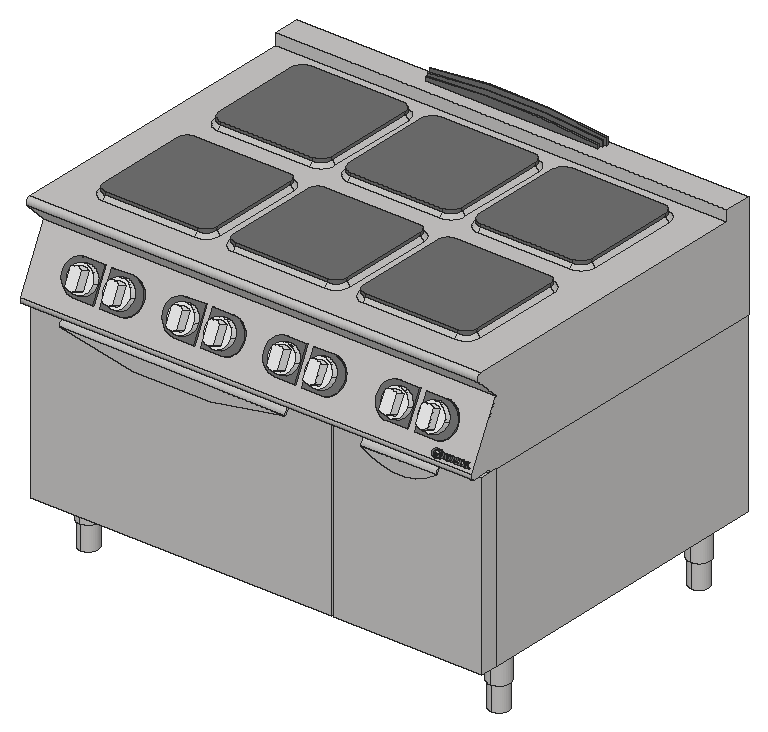
Revit family "QF_GIORIK_CE96QE", category Specialty Equipment, Revit 2014
Parameters (values of type "CE96QE")
  Weight in Pounds = 352.7392
  Watts = 30000 W
  Volts = 400 V
  URL Cutsheet = "www.giorik.com"
  URL = "www.giorik.com"
  Status [instance] = ""
  Specification by User [instance] = ""
  Specification by Manufacturer = ""
  Show Logo [instance] = yes
  Show Clearance [instance] = yes
  Serial Number = ""
  Seismic Rating = ""
  SMACNA No = ""
  Revision Code [instance] = ""
  Phase = 3
  Number of Poles [instance] = 3
  NAFEM Spec ID Number = ""
  Model = "CE96QE"
  Min Ckt Ampacity = 0 A
  Max Overcurrent Protection = 0 A
  Masterspec = ""
  Manufacturer = "GIORIK"
  Item Number [instance] = ""
  Installed By [instance] = ""
  Identify Quantity as Lot [instance] = no
  HP = "40.230600000000"
  Furnished By [instance] = ""
  Foodservice Equipment Identifier [instance] = yes
  FL Amps = 0 A
  Electrical Remarks [instance] = ""
  Electric Connection Type [instance] = ""
  Elec Conn RI Height [instance] = 0 mm
  Elec Conn Connection Height [instance] = 150 mm
  Description = "ELECTRIC COOKER 6 PLATES SQUARE WITH ELECTRIC OVEN AND NEUTRAL CUPBOARD"
  Cycle = 50 Hz
  Conn Plug = ""
  CSI MasterFormat = ""
  Assembly Code = "E1090320"
  Apparent Power = 30000 VA
Reference planes
  plane 1 "Back": y = 0
  plane 2: z = 0
  plane 3 "Left": x = 0
  plane 4 "Right": x = 1200
  plane 5 "Front": y = -920
  plane 6 "Top": z = 900
Forms (mm)
  Extrusion 1, solid
    sketch origin (-16, 1025.948, 0) x (1, 0, 0) y (0, 1, 0)
      loop
        line (25, -1086.81) -> (25, -1156.81) -> (115, -1156.81) -> (115, -1086.81) -> (25, -1086.81)
    from 148 to 150
  Extrusion 2, solid
    sketch origin (-4, 0.138, 130) x (1, 0, 0) y (0, 1, 0)
      loop
        circle (54, -385) r 12.5
    from 0 to 20
  Extrusion 3, solid
    sketch origin (0, 800.138, -20) x (0, 1, 0) y (0, 0, 1)
      loop
        line (-800.138, 919.988) -> (-870.138, 919.988) -> (-870.138, 889.988) -> (-1688.806, 889.988)
        arc (-1688.806, 889.988) -> (-1699.151, 883.075) -> (-1696.724, 870.873) r 11.197
        line (-1696.724, 870.873) -> (-1640.876, 815.025) -> (-1718.948, 661.258)
        arc (-1718.948, 661.258) -> (-1718.233, 650.105) -> (-1708.118, 645.354) r 10.981
        line (-1708.118, 645.354) -> (-1660, 649.925) -> (-1660, 640) -> (-800.138, 640) -> (-800.138, 919.988)
    from 0 to 1200
  Extrusion 4, solid
    sketch origin (0, -199.862, 599.536) x (1, 0, 0) y (0, 1, 0)
      loop
        line (0, -640) -> (40, -640) -> (40, 159.862) -> (1160, 159.862) -> (1160, -640) -> (1200, -640) -> (1200, 199.862) -> (0, 199.862) -> (0, -640)
    from -449.536 to 20.464
  Extrusion 5, solid
    sketch origin (0, -199.862, 0) x (1, 0, 0) y (0, 1, 0)
      loop
        line (40, 159.862) -> (40, -640) -> (1160, -640) -> (1160, 159.862) -> (40, 159.862)
    from 150 to 190
  Extrusion 6, solid
    sketch origin (-16, 360.948, 0) x (1, 0, 0) y (0, 1, 0)
      loop
        line (25, -1086.81) -> (25, -1156.81) -> (115, -1156.81) -> (115, -1086.81) -> (25, -1086.81)
    from 148 to 150
  Revolve 7, solid
    sketch origin (54, 360.948, 0) x (0, 1, 0) y (0, 0, 1)
      loop
        line (-1092.56, 66) -> (-1092.56, 148) -> (-1121.81, 148) -> (-1121.81, 0) -> (-1096.81, 0) -> (-1096.81, 66) -> (-1092.56, 66)
      axis (-1121.81, 0) -> (-1121.81, 148)
    angle from 0 to 360
  Revolve 8, solid
    sketch origin (54, 1025.948, 0) x (0, 1, 0) y (0, 0, 1)
      loop
        line (-1092.56, 66) -> (-1092.56, 148) -> (-1121.81, 148) -> (-1121.81, 0) -> (-1096.81, 0) -> (-1096.81, 66) -> (-1092.56, 66)
      axis (-1121.81, 0) -> (-1121.81, 148)
    angle from 0 to 360
  Extrusion 9, solid
    sketch origin (1216, 360.948, 0) x (-1, 0, 0) y (0, -1, 0)
      loop
        line (25, 1086.81) -> (115, 1086.81) -> (115, 1156.81) -> (25, 1156.81) -> (25, 1086.81)
    from 148 to 150
  Revolve 10, solid
    sketch origin (1146, 360.948, 0) x (0, 1, 0) y (0, 0, -1)
      loop
        line (-1092.56, -66) -> (-1096.81, -66) -> (-1096.81, 0) -> (-1121.81, 0) -> (-1121.81, -148) -> (-1092.56, -148) -> (-1092.56, -66)
      axis (-1121.81, 0) -> (-1121.81, -148)
    angle from 0 to 360
  Extrusion 11, solid
    sketch origin (1216, -1217.672, 0) x (-1, 0, 0) y (0, -1, 0)
      loop
        line (25, -1086.81) -> (25, -1156.81) -> (115, -1156.81) -> (115, -1086.81) -> (25, -1086.81)
    from 148 to 150
  Revolve 12, solid
    sketch origin (1146, -1217.672, 0) x (0, -1, 0) y (0, 0, 1)
      loop
        line (-1092.56, 66) -> (-1092.56, 148) -> (-1121.81, 148) -> (-1121.81, 0) -> (-1096.81, 0) -> (-1096.81, 66) -> (-1092.56, 66)
      axis (-1121.81, 0) -> (-1121.81, 148)
    angle from 0 to 360
  Extrusion 13, solid
    sketch origin (236.031, 0, -10.001) x (1, 0, 0) y (0, 0, 1)
      loop
        line (135, 909.989) -> (592.969, 909.989) -> (592.969, 919.989) -> (440.969, 929.989) -> (287, 929.989) -> (135, 919.989) -> (135, 909.989)
    from 32 to 35
  Extrusion 14, solid
    sketch origin (238, 10, -10.001) x (1, 0, 0) y (0, 0, 1)
      loop
        line (594, 909.989) -> (594, 924.989) -> (440, 937.489) -> (284, 937.489) -> (130, 925.001) -> (130, 909.989) -> (594, 909.989)
    from 32 to 35
  Extrusion 15, solid
    sketch origin (240, 20, -10.001) x (1, 0, 0) y (0, 0, 1)
      loop
        line (595, 909.989) -> (595, 930.001) -> (439, 945.258) -> (281, 945.258) -> (125, 929.989) -> (125, 909.989) -> (595, 909.989)
    from 32 to 35
  Extrusion 16, solid
    sketch origin (-3.903, 0.05, 130) x (1, 0, 0) y (0, 1, 0)
      loop
        circle (54, -385) r 12.5
    from 0 to 20
  Extrusion 17, solid
    sketch origin (64, 3.186, 864.988) x (0, 1, 0) y (-1, 0, 0)
      loop
        arc (-121.5, -68) -> (-129.701, -48.201) -> (-149.5, -40) r 28
        line (-149.5, -40) -> (-393.5, -40)
        arc (-393.5, -40) -> (-413.299, -48.201) -> (-421.5, -68) r 28
        line (-421.5, -68) -> (-421.5, -311.998)
        arc (-421.5, -311.998) -> (-413.299, -331.797) -> (-393.5, -339.998) r 28
        line (-393.5, -339.998) -> (-149.5, -339.998)
        arc (-149.5, -339.998) -> (-129.701, -331.797) -> (-121.5, -311.998) r 28
        line (-121.5, -311.998) -> (-121.5, -68)
    from 23 to 15
  Blend 18, solid
    base sketch origin (808.36, -819.318, 869.988) x (0, 1, 0) y (-1, 0, 0)
      loop
        arc (710.004, 676.36) -> (699.167, 702.523) -> (673.004, 713.36) r 37
        line (673.004, 713.36) -> (429.004, 713.36)
        arc (429.004, 713.36) -> (402.841, 702.523) -> (392.004, 676.36) r 37
        line (392.004, 676.36) -> (392.004, 432.362)
        arc (392.004, 432.362) -> (402.841, 406.199) -> (429.004, 395.362) r 37
        line (429.004, 395.362) -> (673.004, 395.362)
        arc (673.004, 395.362) -> (699.167, 406.199) -> (710.004, 432.362) r 37
        line (710.004, 432.362) -> (710.004, 676.36)
    top sketch origin (808.36, -819.318, 900) x (0, 1, 0) y (-1, 0, 0)
      loop
        arc (701.004, 676.36) -> (692.803, 696.159) -> (673.004, 704.36) r 28
        line (673.004, 704.36) -> (429.004, 704.36)
        arc (429.004, 704.36) -> (409.205, 696.159) -> (401.004, 676.36) r 28
        line (401.004, 676.36) -> (401.004, 432.362)
        arc (401.004, 432.362) -> (409.205, 412.563) -> (429.004, 404.362) r 28
        line (429.004, 404.362) -> (673.004, 404.362)
        arc (673.004, 404.362) -> (692.803, 412.563) -> (701.004, 432.362) r 28
        line (701.004, 432.362) -> (701.004, 676.36)
    from 0 to -20.012
  Extrusion 19, solid
    sketch origin (64, -921.814, 864.988) x (0, -1, 0) y (1, 0, 0)
      loop
        line (-121.5, 68) -> (-121.5, 311.998)
        arc (-121.5, 311.998) -> (-129.701, 331.797) -> (-149.5, 339.998) r 28
        line (-149.5, 339.998) -> (-393.5, 339.998)
        arc (-393.5, 339.998) -> (-413.299, 331.797) -> (-421.5, 311.998) r 28
        line (-421.5, 311.998) -> (-421.5, 68)
        arc (-421.5, 68) -> (-413.299, 48.201) -> (-393.5, 40) r 28
        line (-393.5, 40) -> (-149.5, 40)
        arc (-149.5, 40) -> (-129.701, 48.201) -> (-121.5, 68) r 28
    from 23 to 15
  Blend 20, solid
    base sketch origin (808.36, -99.31, 869.988) x (0, -1, 0) y (1, 0, 0)
      loop
        line (710.004, -676.36) -> (710.004, -432.362)
        arc (710.004, -432.362) -> (699.167, -406.199) -> (673.004, -395.362) r 37
        line (673.004, -395.362) -> (429.004, -395.362)
        arc (429.004, -395.362) -> (402.841, -406.199) -> (392.004, -432.362) r 37
        line (392.004, -432.362) -> (392.004, -676.36)
        arc (392.004, -676.36) -> (402.841, -702.523) -> (429.004, -713.36) r 37
        line (429.004, -713.36) -> (673.004, -713.36)
        arc (673.004, -713.36) -> (699.167, -702.523) -> (710.004, -676.36) r 37
    top sketch origin (808.36, -99.31, 900) x (0, -1, 0) y (1, 0, 0)
      loop
        line (701.004, -676.36) -> (701.004, -432.362)
        arc (701.004, -432.362) -> (692.803, -412.563) -> (673.004, -404.362) r 28
        line (673.004, -404.362) -> (429.004, -404.362)
        arc (429.004, -404.362) -> (409.205, -412.563) -> (401.004, -432.362) r 28
        line (401.004, -432.362) -> (401.004, -676.36)
        arc (401.004, -676.36) -> (409.205, -696.159) -> (429.004, -704.36) r 28
        line (429.004, -704.36) -> (673.004, -704.36)
        arc (673.004, -704.36) -> (692.803, -696.159) -> (701.004, -676.36) r 28
    from 0 to -20.012
  Extrusion 21, solid
    sketch origin (790, 3.186, 864.988) x (0, 1, 0) y (-1, 0, 0)
      loop
        line (-121.5, 68) -> (-121.5, 311.998)
        arc (-121.5, 311.998) -> (-129.701, 331.797) -> (-149.5, 339.998) r 28
        line (-149.5, 339.998) -> (-393.5, 339.998)
        arc (-393.5, 339.998) -> (-413.299, 331.797) -> (-421.5, 311.998) r 28
        line (-421.5, 311.998) -> (-421.5, 68)
        arc (-421.5, 68) -> (-413.299, 48.201) -> (-393.5, 40) r 28
        line (-393.5, 40) -> (-149.5, 40)
        arc (-149.5, 40) -> (-129.701, 48.201) -> (-121.5, 68) r 28
    from 23 to 15
  Blend 22, solid
    base sketch origin (45.64, -819.318, 869.988) x (0, 1, 0) y (-1, 0, 0)
      loop
        line (710.004, -676.36) -> (710.004, -432.362)
        arc (710.004, -432.362) -> (699.167, -406.199) -> (673.004, -395.362) r 37
        line (673.004, -395.362) -> (429.004, -395.362)
        arc (429.004, -395.362) -> (402.841, -406.199) -> (392.004, -432.362) r 37
        line (392.004, -432.362) -> (392.004, -676.36)
        arc (392.004, -676.36) -> (402.841, -702.523) -> (429.004, -713.36) r 37
        line (429.004, -713.36) -> (673.004, -713.36)
        arc (673.004, -713.36) -> (699.167, -702.523) -> (710.004, -676.36) r 37
    top sketch origin (45.64, -819.318, 900) x (0, 1, 0) y (-1, 0, 0)
      loop
        line (701.004, -676.36) -> (701.004, -432.362)
        arc (701.004, -432.362) -> (692.803, -412.563) -> (673.004, -404.362) r 28
        line (673.004, -404.362) -> (429.004, -404.362)
        arc (429.004, -404.362) -> (409.205, -412.563) -> (401.004, -432.362) r 28
        line (401.004, -432.362) -> (401.004, -676.36)
        arc (401.004, -676.36) -> (409.205, -696.159) -> (429.004, -704.36) r 28
        line (429.004, -704.36) -> (673.004, -704.36)
        arc (673.004, -704.36) -> (692.803, -696.159) -> (701.004, -676.36) r 28
    from 0 to -20.012
  Extrusion 23, solid
    sketch origin (790, -921.814, 864.988) x (0, -1, 0) y (1, 0, 0)
      loop
        arc (-121.5, -68) -> (-129.701, -48.201) -> (-149.5, -40) r 28
        line (-149.5, -40) -> (-393.5, -40)
        arc (-393.5, -40) -> (-413.299, -48.201) -> (-421.5, -68) r 28
        line (-421.5, -68) -> (-421.5, -311.998)
        arc (-421.5, -311.998) -> (-413.299, -331.797) -> (-393.5, -339.998) r 28
        line (-393.5, -339.998) -> (-149.5, -339.998)
        arc (-149.5, -339.998) -> (-129.701, -331.797) -> (-121.5, -311.998) r 28
        line (-121.5, -311.998) -> (-121.5, -68)
    from 23 to 15
  Blend 24, solid
    base sketch origin (45.64, -99.31, 869.988) x (0, -1, 0) y (1, 0, 0)
      loop
        arc (710.004, 676.36) -> (699.167, 702.523) -> (673.004, 713.36) r 37
        line (673.004, 713.36) -> (429.004, 713.36)
        arc (429.004, 713.36) -> (402.841, 702.523) -> (392.004, 676.36) r 37
        line (392.004, 676.36) -> (392.004, 432.362)
        arc (392.004, 432.362) -> (402.841, 406.199) -> (429.004, 395.362) r 37
        line (429.004, 395.362) -> (673.004, 395.362)
        arc (673.004, 395.362) -> (699.167, 406.199) -> (710.004, 432.362) r 37
        line (710.004, 432.362) -> (710.004, 676.36)
    top sketch origin (45.64, -99.31, 900) x (0, -1, 0) y (1, 0, 0)
      loop
        arc (701.004, 676.36) -> (692.803, 696.159) -> (673.004, 704.36) r 28
        line (673.004, 704.36) -> (429.004, 704.36)
        arc (429.004, 704.36) -> (409.205, 696.159) -> (401.004, 676.36) r 28
        line (401.004, 676.36) -> (401.004, 432.362)
        arc (401.004, 432.362) -> (409.205, 412.563) -> (429.004, 404.362) r 28
        line (429.004, 404.362) -> (673.004, 404.362)
        arc (673.004, 404.362) -> (692.803, 412.563) -> (701.004, 432.362) r 28
        line (701.004, 432.362) -> (701.004, 676.36)
    from 0 to -20.012
  Extrusion 25, solid
    sketch origin (1136, 3.186, 864.988) x (0, 1, 0) y (-1, 0, 0)
      loop
        line (-121.5, 68) -> (-121.5, 311.998)
        arc (-121.5, 311.998) -> (-129.701, 331.797) -> (-149.5, 339.998) r 28
        line (-149.5, 339.998) -> (-393.5, 339.998)
        arc (-393.5, 339.998) -> (-413.299, 331.797) -> (-421.5, 311.998) r 28
        line (-421.5, 311.998) -> (-421.5, 68)
        arc (-421.5, 68) -> (-413.299, 48.201) -> (-393.5, 40) r 28
        line (-393.5, 40) -> (-149.5, 40)
        arc (-149.5, 40) -> (-129.701, 48.201) -> (-121.5, 68) r 28
    from 23 to 15
  Blend 26, solid
    base sketch origin (391.64, -819.318, 869.988) x (0, 1, 0) y (-1, 0, 0)
      loop
        line (710.004, -676.36) -> (710.004, -432.362)
        arc (710.004, -432.362) -> (699.167, -406.199) -> (673.004, -395.362) r 37
        line (673.004, -395.362) -> (429.004, -395.362)
        arc (429.004, -395.362) -> (402.841, -406.199) -> (392.004, -432.362) r 37
        line (392.004, -432.362) -> (392.004, -676.36)
        arc (392.004, -676.36) -> (402.841, -702.523) -> (429.004, -713.36) r 37
        line (429.004, -713.36) -> (673.004, -713.36)
        arc (673.004, -713.36) -> (699.167, -702.523) -> (710.004, -676.36) r 37
    top sketch origin (391.64, -819.318, 900) x (0, 1, 0) y (-1, 0, 0)
      loop
        line (701.004, -676.36) -> (701.004, -432.362)
        arc (701.004, -432.362) -> (692.803, -412.563) -> (673.004, -404.362) r 28
        line (673.004, -404.362) -> (429.004, -404.362)
        arc (429.004, -404.362) -> (409.205, -412.563) -> (401.004, -432.362) r 28
        line (401.004, -432.362) -> (401.004, -676.36)
        arc (401.004, -676.36) -> (409.205, -696.159) -> (429.004, -704.36) r 28
        line (429.004, -704.36) -> (673.004, -704.36)
        arc (673.004, -704.36) -> (692.803, -696.159) -> (701.004, -676.36) r 28
    from 0 to -20.012
  Extrusion 27, solid
    sketch origin (1136, -921.814, 864.988) x (0, -1, 0) y (1, 0, 0)
      loop
        arc (-121.5, -68) -> (-129.701, -48.201) -> (-149.5, -40) r 28
        line (-149.5, -40) -> (-393.5, -40)
        arc (-393.5, -40) -> (-413.299, -48.201) -> (-421.5, -68) r 28
        line (-421.5, -68) -> (-421.5, -311.998)
        arc (-421.5, -311.998) -> (-413.299, -331.797) -> (-393.5, -339.998) r 28
        line (-393.5, -339.998) -> (-149.5, -339.998)
        arc (-149.5, -339.998) -> (-129.701, -331.797) -> (-121.5, -311.998) r 28
        line (-121.5, -311.998) -> (-121.5, -68)
    from 23 to 15
  Blend 28, solid
    base sketch origin (391.64, -99.31, 869.988) x (0, -1, 0) y (1, 0, 0)
      loop
        arc (710.004, 676.36) -> (699.167, 702.523) -> (673.004, 713.36) r 37
        line (673.004, 713.36) -> (429.004, 713.36)
        arc (429.004, 713.36) -> (402.841, 702.523) -> (392.004, 676.36) r 37
        line (392.004, 676.36) -> (392.004, 432.362)
        arc (392.004, 432.362) -> (402.841, 406.199) -> (429.004, 395.362) r 37
        line (429.004, 395.362) -> (673.004, 395.362)
        arc (673.004, 395.362) -> (699.167, 406.199) -> (710.004, 432.362) r 37
        line (710.004, 432.362) -> (710.004, 676.36)
    top sketch origin (391.64, -99.31, 900) x (0, -1, 0) y (1, 0, 0)
      loop
        arc (701.004, 676.36) -> (692.803, 696.159) -> (673.004, 704.36) r 28
        line (673.004, 704.36) -> (429.004, 704.36)
        arc (429.004, 704.36) -> (409.205, 696.159) -> (401.004, 676.36) r 28
        line (401.004, 676.36) -> (401.004, 432.362)
        arc (401.004, 432.362) -> (409.205, 412.563) -> (429.004, 404.362) r 28
        line (429.004, 404.362) -> (673.004, 404.362)
        arc (673.004, 404.362) -> (692.803, 412.563) -> (701.004, 432.362) r 28
        line (701.004, 432.362) -> (701.004, 676.36)
    from 0 to -20.012
  Extrusion 29, solid
    sketch origin (805, -924.862, 0) x (1, 0, 0) y (0, 0, 1)
      loop
        line (0, 620) -> (0, 150) -> (395, 150) -> (395, 620) -> (0, 620)
    from -85 to -40
  Extrusion 30, solid
    sketch origin (805, -924.862, -20.1) x (0, 1, 0) y (0, 0, 1)
      loop
        arc (25, 640.1) -> (14.393, 635.707) -> (10, 625.1) r 15
        line (10, 625.1) -> (12, 625.1)
        arc (12, 625.1) -> (15.808, 634.292) -> (25, 638.1) r 13
        line (25, 638.1) -> (40, 638.1) -> (40, 640.1) -> (25, 640.1)
    from 97.5 to 297.5
  Extrusion 31, solid
    sketch origin (805, -924.767, -20.1) x (1, 0, 0) y (0, 0, 1)
      loop
        arc (97.5, 625.1) -> (197.5, 590.089) -> (297.5, 625.1) r 160.316
        line (297.5, 625.1) -> (97.5, 625.1)
    from -11.905 to -9.905
  Extrusion 32, solid, visible <- "Show Clearance", detail levels coarse
    sketch origin (1200, -924.862, 0) x (-1, 0, 0) y (0, -1, 0)
      loop
        line (0, -40) -> (395, -40)
        arc (395, -40) -> (279.307, 239.307) -> (0, 355) r 395
        line (0, 355) -> (0, -40)
    from 150 to 620
  Extrusion 33, solid
    sketch origin (0, -924.862, 0) x (1, 0, 0) y (0, 0, 1)
      loop
        line (0, 620) -> (0, 150) -> (800, 150) -> (800, 620) -> (0, 620)
    from -85 to -40
  Extrusion 34, solid
    sketch origin (2.5, -924.862, -20.1) x (0, 1, 0) y (0, 0, 1)
      loop
        arc (25, 640.1) -> (14.393, 635.707) -> (10, 625.1) r 15
        line (10, 625.1) -> (12, 625.1)
        arc (12, 625.1) -> (15.808, 634.292) -> (25, 638.1) r 13
        line (25, 638.1) -> (40, 638.1) -> (40, 640.1) -> (25, 640.1)
    from 97.5 to 697.5
  Extrusion 35, solid
    sketch origin (2.5, -924.767, -20.1) x (1, 0, 0) y (0, 0, 1)
      loop
        arc (97.5, 625.1) -> (397.5, 582.413) -> (697.5, 625.1) r 1075.531
        line (697.5, 625.1) -> (97.5, 625.1)
    from -11.905 to -9.905
  Extrusion 36, solid, visible <- "Show Clearance", detail levels coarse
    sketch origin (0, -199.862, 0) x (0, 1, 0) y (0, 0, 1)
      loop
        line (-685, 150) -> (-685, 620)
        arc (-685, 620) -> (-1017.34, 482.34) -> (-1155, 150) r 470
        line (-1155, 150) -> (-685, 150)
    from 0 to 800
  Extrusion 37, solid, visible <- "Show Logo"
    sketch origin (996.604, -936.763, 609.213) x (-1, 0, 0) y (0, 0.452718, 0.891654)
      loop
        line (-118.824, 58.358) -> (-127.804, 58.358) -> (-125.523, 56.445) -> (-125.523, 48.027) -> (-127.804, 46.113) -> (-118.824, 46.113) -> (-121.105, 48.027) -> (-121.105, 56.445) -> (-118.824, 58.358)
      loop
        line (-163.721, 58.358) -> (-172.7, 58.358) -> (-170.42, 56.445) -> (-170.42, 48.027) -> (-172.7, 46.113) -> (-163.721, 46.113) -> (-166.001, 48.027) -> (-166.001, 56.445) -> (-163.721, 58.358)
      loop
        line (-174.332, 58.358) -> (-183.312, 58.358) -> (-181.031, 56.445) -> (-181.031, 52.435) -> (-186.419, 56.955) -> (-184.416, 58.358) -> (-191.268, 58.358) -> (-188.01, 56.839) -> (-185.455, 54.283) -> (-190.846, 47.858) -> (-193.396, 46.93) -> (-193.396, 46.113) -> (-184.416, 46.113) -> (-185.437, 47.571) -> (-182.443, 51.552) -> (-181.031, 50.894) -> (-181.031, 48.027) -> (-183.312, 46.113) -> (-174.332, 46.113) -> (-176.613, 48.027) -> (-176.613, 56.445) -> (-174.332, 58.358)
      loop
        line (-115.429, 62.063) -> (-115.429, 54.198)
        arc (-115.429, 54.198) -> (-111.618, 57.803) -> (-106.847, 59.986) r 16.039
        arc (-106.847, 59.986) -> (-103.314, 59.837) -> (-100.512, 57.68) r 5.851
        arc (-100.512, 57.68) -> (-98.815, 52.267) -> (-100.512, 46.853) r 9.479
        arc (-100.512, 46.853) -> (-102.406, 44.986) -> (-104.846, 43.93) r 7.236
        arc (-104.846, 43.93) -> (-107.728, 44.111) -> (-110.052, 45.825) r 5.11
        line (-110.052, 45.825) -> (-110.052, 52.001) -> (-116.141, 52.001) -> (-116.141, 45.503) -> (-117.893, 43.751) -> (-114.094, 44.769)
        arc (-114.094, 44.769) -> (-112.56, 44.947) -> (-111.129, 44.366) r 3.115
        arc (-111.129, 44.366) -> (-104.216, 42.091) -> (-97.303, 44.366) r 11.641
        arc (-97.303, 44.366) -> (-93.396, 52.107) -> (-97.303, 59.849) r 9.622
        arc (-97.303, 59.849) -> (-104.369, 62.174) -> (-111.435, 59.849) r 11.898
        line (-111.435, 59.849) -> (-115.429, 62.063)
      loop
        arc (-129.234, 56.068) -> (-135.893, 58.628) -> (-142.552, 56.068) r 9.941
        arc (-142.552, 56.068) -> (-144.234, 52.286) -> (-142.552, 48.505) r 5.093
        arc (-142.552, 48.505) -> (-135.893, 45.945) -> (-129.234, 48.505) r 9.941
        arc (-129.234, 48.505) -> (-127.552, 52.286) -> (-129.234, 56.068) r 5.093
      loop
        arc (-132.628, 54.403) -> (-135.893, 57.668) -> (-139.158, 54.403) r 3.265
        line (-139.158, 54.403) -> (-139.158, 50.169)
        arc (-139.158, 50.169) -> (-135.893, 46.904) -> (-132.628, 50.169) r 3.265
        line (-132.628, 50.169) -> (-132.628, 54.403)
      loop
        arc (-156.363, 58.365) -> (-159.647, 55.081) -> (-156.363, 51.796) r 3.285
        line (-156.363, 51.796) -> (-159.529, 47.306) -> (-162.087, 46.113) -> (-155.847, 46.113) -> (-153.529, 51.083) -> (-150.637, 51.083) -> (-150.637, 47.784) -> (-153.022, 46.113) -> (-144.011, 46.113) -> (-146.094, 47.68) -> (-146.094, 56.493) -> (-144.229, 58.365) -> (-156.363, 58.365)
      loop
        line (-150.637, 57.512) -> (-153.637, 57.512)
        arc (-153.637, 57.512) -> (-156.237, 54.912) -> (-153.637, 52.312) r 2.6
        line (-153.637, 52.312) -> (-150.637, 52.312) -> (-150.637, 57.512)
      loop
        line (-108.924, 52.001) -> (-104.936, 49.005) -> (-100.948, 52.001) -> (-108.924, 52.001)
    from 1.5 to -0.5
  Extrusion 38, solid
    sketch origin (-283.221, -1163.958, 52.4) x (1, 0, 0) y (0, 0.452718, 0.891654)
      loop
        line (463.221, 676.25) -> (463.221, 766.25) -> (409.698, 766.25)
        arc (409.698, 766.25) -> (364.698, 721.25) -> (409.698, 676.25) r 45
        line (409.698, 676.25) -> (463.221, 676.25)
    from 48 to 50
  Extrusion 39, solid
    sketch origin (491.331, -1209.309, 74.995) x (-1, 0, 0) y (0, -0.45351, -0.891251)
      loop
        circle (351.331, -721.346) r 35
    from 0 to 15
  Extrusion 40, solid
    sketch origin (491.331, -1209.309, 74.995) x (-1, 0, 0) y (0, -0.45351, -0.891251)
      loop
        arc (336.331, -743.846) -> (351.331, -748.846) -> (366.331, -743.846) r 25
        line (366.331, -743.846) -> (366.331, -698.846)
        arc (366.331, -698.846) -> (351.331, -693.846) -> (336.331, -698.846) r 25
        line (336.331, -698.846) -> (336.331, -743.846)
    from 15 to 40
  Extrusion 41, solid
    sketch origin (661.221, -1163.958, 52.4) x (-1, 0, 0) y (0, -0.452718, -0.891654)
      loop
        line (463.221, -676.25) -> (409.698, -676.25)
        arc (409.698, -676.25) -> (364.698, -721.25) -> (409.698, -766.25) r 45
        line (409.698, -766.25) -> (463.221, -766.25) -> (463.221, -676.25)
    from 48 to 50
  Extrusion 42, solid
    sketch origin (-113.331, -1209.309, 74.995) x (1, 0, 0) y (0, 0.45351, 0.891251)
      loop
        circle (351.331, 721.346) r 35
    from 0 to 15
  Extrusion 43, solid
    sketch origin (-113.331, -1209.309, 74.995) x (1, 0, 0) y (0, 0.45351, 0.891251)
      loop
        line (336.331, 743.846) -> (336.331, 698.846)
        arc (336.331, 698.846) -> (351.331, 693.846) -> (366.331, 698.846) r 25
        line (366.331, 698.846) -> (366.331, 743.846)
        arc (366.331, 743.846) -> (351.331, 748.846) -> (336.331, 743.846) r 25
    from 15 to 40
  Extrusion 44, solid
    sketch origin (929.221, -1163.958, 52.4) x (-1, 0, 0) y (0, -0.452718, -0.891654)
      loop
        line (463.221, -676.25) -> (409.698, -676.25)
        arc (409.698, -676.25) -> (364.698, -721.25) -> (409.698, -766.25) r 45
        line (409.698, -766.25) -> (463.221, -766.25) -> (463.221, -676.25)
    from 48 to 50
  Extrusion 45, solid
    sketch origin (154.669, -1209.309, 74.995) x (1, 0, 0) y (0, 0.45351, 0.891251)
      loop
        circle (351.331, 721.346) r 35
    from 0 to 15
  Extrusion 46, solid
    sketch origin (154.669, -1209.309, 74.995) x (1, 0, 0) y (0, 0.45351, 0.891251)
      loop
        line (336.331, 743.846) -> (336.331, 698.846)
        arc (336.331, 698.846) -> (351.331, 693.846) -> (366.331, 698.846) r 25
        line (366.331, 698.846) -> (366.331, 743.846)
        arc (366.331, 743.846) -> (351.331, 748.846) -> (336.331, 743.846) r 25
    from 15 to 40
  Extrusion 47, solid
    sketch origin (-15.221, -1163.958, 52.4) x (1, 0, 0) y (0, 0.452718, 0.891654)
      loop
        line (463.221, 676.25) -> (463.221, 766.25) -> (409.698, 766.25)
        arc (409.698, 766.25) -> (364.698, 721.25) -> (409.698, 676.25) r 45
        line (409.698, 676.25) -> (463.221, 676.25)
    from 48 to 50
  Extrusion 48, solid
    sketch origin (759.331, -1209.309, 74.995) x (-1, 0, 0) y (0, -0.45351, -0.891251)
      loop
        circle (351.331, -721.346) r 35
    from 0 to 15
  Extrusion 49, solid
    sketch origin (759.331, -1209.309, 74.995) x (-1, 0, 0) y (0, -0.45351, -0.891251)
      loop
        arc (336.331, -743.846) -> (351.331, -748.846) -> (366.331, -743.846) r 25
        line (366.331, -743.846) -> (366.331, -698.846)
        arc (366.331, -698.846) -> (351.331, -693.846) -> (336.331, -698.846) r 25
        line (336.331, -698.846) -> (336.331, -743.846)
    from 15 to 40
  Extrusion 50, solid
    sketch origin (252.779, -1163.958, 52.4) x (1, 0, 0) y (0, 0.452718, 0.891654)
      loop
        line (463.221, 676.25) -> (463.221, 766.25) -> (409.698, 766.25)
        arc (409.698, 766.25) -> (364.698, 721.25) -> (409.698, 676.25) r 45
        line (409.698, 676.25) -> (463.221, 676.25)
    from 48 to 50
  Extrusion 51, solid
    sketch origin (1027.331, -1209.309, 74.995) x (-1, 0, 0) y (0, -0.45351, -0.891251)
      loop
        circle (351.331, -721.346) r 35
    from 0 to 15
  Extrusion 52, solid
    sketch origin (1027.331, -1209.309, 74.995) x (-1, 0, 0) y (0, -0.45351, -0.891251)
      loop
        arc (336.331, -743.846) -> (351.331, -748.846) -> (366.331, -743.846) r 25
        line (366.331, -743.846) -> (366.331, -698.846)
        arc (366.331, -698.846) -> (351.331, -693.846) -> (336.331, -698.846) r 25
        line (336.331, -698.846) -> (336.331, -743.846)
    from 15 to 40
  Extrusion 53, solid
    sketch origin (1197.221, -1163.958, 52.4) x (-1, 0, 0) y (0, -0.452718, -0.891654)
      loop
        line (463.221, -676.25) -> (409.698, -676.25)
        arc (409.698, -676.25) -> (364.698, -721.25) -> (409.698, -766.25) r 45
        line (409.698, -766.25) -> (463.221, -766.25) -> (463.221, -676.25)
    from 48 to 50
  Extrusion 54, solid
    sketch origin (422.669, -1209.309, 74.995) x (1, 0, 0) y (0, 0.45351, 0.891251)
      loop
        circle (351.331, 721.346) r 35
    from 0 to 15
  Extrusion 55, solid
    sketch origin (422.669, -1209.309, 74.995) x (1, 0, 0) y (0, 0.45351, 0.891251)
      loop
        line (336.331, 743.846) -> (336.331, 698.846)
        arc (336.331, 698.846) -> (351.331, 693.846) -> (366.331, 698.846) r 25
        line (366.331, 698.846) -> (366.331, 743.846)
        arc (366.331, 743.846) -> (351.331, 748.846) -> (336.331, 743.846) r 25
    from 15 to 40
  Extrusion 56, solid
    sketch origin (552.779, -1163.958, 52.4) x (1, 0, 0) y (0, 0.452718, 0.891654)
      loop
        line (463.221, 676.25) -> (463.221, 766.25) -> (409.698, 766.25)
        arc (409.698, 766.25) -> (364.698, 721.25) -> (409.698, 676.25) r 45
        line (409.698, 676.25) -> (463.221, 676.25)
    from 48 to 50
  Extrusion 57, solid
    sketch origin (1327.331, -1209.309, 74.995) x (-1, 0, 0) y (0, -0.45351, -0.891251)
      loop
        circle (351.331, -721.346) r 35
    from 0 to 15
  Extrusion 58, solid
    sketch origin (1327.331, -1209.309, 74.995) x (-1, 0, 0) y (0, -0.45351, -0.891251)
      loop
        arc (336.331, -743.846) -> (351.331, -748.846) -> (366.331, -743.846) r 25
        line (366.331, -743.846) -> (366.331, -698.846)
        arc (366.331, -698.846) -> (351.331, -693.846) -> (336.331, -698.846) r 25
        line (336.331, -698.846) -> (336.331, -743.846)
    from 15 to 40
  Extrusion 59, solid
    sketch origin (1497.221, -1163.958, 52.4) x (-1, 0, 0) y (0, -0.452718, -0.891654)
      loop
        line (463.221, -676.25) -> (409.698, -676.25)
        arc (409.698, -676.25) -> (364.698, -721.25) -> (409.698, -766.25) r 45
        line (409.698, -766.25) -> (463.221, -766.25) -> (463.221, -676.25)
    from 48 to 50
  Extrusion 60, solid
    sketch origin (722.669, -1209.309, 74.995) x (1, 0, 0) y (0, 0.45351, 0.891251)
      loop
        circle (351.331, 721.346) r 35
    from 0 to 15
  Extrusion 61, solid
    sketch origin (722.669, -1209.309, 74.995) x (1, 0, 0) y (0, 0.45351, 0.891251)
      loop
        line (336.331, 743.846) -> (336.331, 698.846)
        arc (336.331, 698.846) -> (351.331, 693.846) -> (366.331, 698.846) r 25
        line (366.331, 698.846) -> (366.331, 743.846)
        arc (366.331, 743.846) -> (351.331, 748.846) -> (336.331, 743.846) r 25
    from 15 to 40
Lines and regions (mm)
  symbolic lines, style "200-EquipBorder-2D"
    curve 1: line (0, -920, 0) -> (1200, -920, 0)
    curve 2: line (1200, -920, 0) -> (1200, 0, 0)
    curve 3: line (1200, 0, 0) -> (0, 0, 0)
    curve 4: line (0, 0, 0) -> (0, -920, 0)
    curve 119: line (125, -928.026, 900) -> (125, -920, 900)
    curve 120: line (155, -928.026, 900) -> (155, -920, 900)
    curve 121: line (223, -928.026, 900) -> (223, -920, 900)
    curve 122: line (253, -928.026, 900) -> (253, -920, 900)
    curve 123: line (393, -928.026, 900) -> (393, -920, 900)
    curve 124: line (423, -928.026, 900) -> (423, -920, 900)
    curve 125: line (491, -928.026, 900) -> (491, -920, 900)
    curve 126: line (521, -928.026, 900) -> (521, -920, 900)
    curve 127: line (661, -928.026, 900) -> (661, -920, 900)
    curve 128: line (691, -928.026, 900) -> (691, -920, 900)
    curve 129: line (759, -928.026, 900) -> (759, -920, 900)
    curve 130: line (789, -928.026, 900) -> (789, -920, 900)
    curve 131: line (961, -928.026, 900) -> (961, -920, 900)
    curve 132: line (991, -928.026, 900) -> (991, -920, 900)
    curve 133: line (1059, -928.026, 900) -> (1059, -920, 900)
    curve 134: line (1089, -928.026, 900) -> (1089, -920, 900)
    curve 135: arc (1059, -928.026, 900) -> (1074, -930.729, 900) -> (1089, -928.026, 900) r 42.962
    curve 136: arc (991, -928.026, 900) -> (976, -930.147, 900) -> (961, -928.026, 900) r 54.106
    curve 137: arc (759, -928.026, 900) -> (774, -930.294, 900) -> (789, -928.026, 900) r 50.727
    curve 138: arc (691, -928.026, 900) -> (676, -930.253, 900) -> (661, -928.026, 900) r 51.626
    curve 139: arc (521, -928.026, 900) -> (506, -930.412, 900) -> (491, -928.026, 900) r 48.335
    curve 140: arc (423, -928.026, 900) -> (408, -930.297, 900) -> (393, -928.026, 900) r 50.665
    curve 141: arc (223, -928.026, 900) -> (238, -930.32, 900) -> (253, -928.026, 900) r 50.178
    curve 142: arc (155, -928.026, 900) -> (140, -930.276, 900) -> (125, -928.026, 900) r 51.114
  symbolic lines, style "200-EquipInternal-2D"
    curve 5: line (0, -70, 900) -> (1200, -70, 900)
    curve 6: line (365, -12, 900) -> (835, -12, 900)
    curve 7: line (835, -12, 900) -> (835, -15, 900)
    curve 8: line (835, -15, 900) -> (365, -15, 900)
    curve 9: line (365, -15, 900) -> (365, -12, 900)
    curve 10: line (368, -22, 900) -> (832, -22, 900)
    curve 11: line (832, -22, 900) -> (832, -25, 900)
    curve 12: line (832, -25, 900) -> (368, -25, 900)
    curve 13: line (368, -25, 900) -> (368, -22, 900)
    curve 14: line (371.031, -32, 900) -> (829, -32, 900)
    curve 15: line (829, -32, 900) -> (829, -35, 900)
    curve 16: line (829, -35, 900) -> (371.031, -35, 900)
    curve 17: line (371.031, -35, 900) -> (371.031, -32, 900)
    curve 18: arc (95, -146.314, 900) -> (105.837, -120.151, 900) -> (132, -109.314, 900) r 37
    curve 19: arc (132, -118.314, 900) -> (112.201, -126.515, 900) -> (104, -146.314, 900) r 28
    curve 20: line (132, -109.314, 900) -> (375.998, -109.314, 900)
    curve 21: line (375.998, -118.314, 900) -> (132, -118.314, 900)
    curve 22: line (95, -390.314, 900) -> (95, -146.314, 900)
    curve 23: line (104, -146.314, 900) -> (104, -390.314, 900)
    curve 24: arc (132, -427.314, 900) -> (105.837, -416.477, 900) -> (95, -390.314, 900) r 37
    curve 25: arc (104, -390.314, 900) -> (112.201, -410.113, 900) -> (132, -418.314, 900) r 28
    curve 26: line (375.998, -427.314, 900) -> (132, -427.314, 900)
    curve 27: line (132, -418.314, 900) -> (375.998, -418.314, 900)
    curve 28: arc (412.998, -390.314, 900) -> (402.161, -416.477, 900) -> (375.998, -427.314, 900) r 37
    curve 29: line (403.998, -390.314, 900) -> (403.998, -146.314, 900)
    curve 30: arc (375.998, -418.314, 900) -> (395.797, -410.113, 900) -> (403.998, -390.314, 900) r 28
    curve 31: line (412.998, -146.314, 900) -> (412.998, -390.314, 900)
    curve 32: arc (375.998, -109.314, 900) -> (402.161, -120.151, 900) -> (412.998, -146.314, 900) r 37
    curve 33: arc (403.998, -146.314, 900) -> (395.797, -126.515, 900) -> (375.998, -118.314, 900) r 28
    curve 34: line (441.002, -390.314, 900) -> (441.002, -146.314, 900)
    curve 35: line (450.002, -146.314, 900) -> (450.002, -390.314, 900)
    curve 36: arc (441.002, -146.314, 900) -> (451.839, -120.151, 900) -> (478.002, -109.314, 900) r 37
    curve 37: arc (478.002, -118.314, 900) -> (458.203, -126.515, 900) -> (450.002, -146.314, 900) r 28
    curve 38: line (478.002, -109.314, 900) -> (722, -109.314, 900)
    curve 39: line (722, -118.314, 900) -> (478.002, -118.314, 900)
    curve 40: arc (722, -109.314, 900) -> (748.163, -120.151, 900) -> (759, -146.314, 900) r 37
    curve 41: arc (750, -146.314, 900) -> (741.799, -126.515, 900) -> (722, -118.314, 900) r 28
    curve 42: line (759, -146.314, 900) -> (759, -390.314, 900)
    curve 43: line (750, -390.314, 900) -> (750, -146.314, 900)
    curve 44: arc (722, -418.314, 900) -> (741.799, -410.113, 900) -> (750, -390.314, 900) r 28
    curve 45: arc (759, -390.314, 900) -> (748.163, -416.477, 900) -> (722, -427.314, 900) r 37
    curve 46: line (478.002, -418.314, 900) -> (722, -418.314, 900)
    curve 47: line (722, -427.314, 900) -> (478.002, -427.314, 900)
    curve 48: arc (450.002, -390.314, 900) -> (458.203, -410.113, 900) -> (478.002, -418.314, 900) r 28
    curve 49: arc (478.002, -427.314, 900) -> (451.839, -416.477, 900) -> (441.002, -390.314, 900) r 37
    curve 50: line (104, -528.314, 900) -> (104, -772.314, 900)
    curve 51: line (95, -772.314, 900) -> (95, -528.314, 900)
    curve 52: line (132, -800.314, 900) -> (375.998, -800.314, 900)
    curve 53: line (412.998, -528.314, 900) -> (412.998, -772.314, 900)
    curve 54: line (403.998, -772.314, 900) -> (403.998, -528.314, 900)
    curve 55: line (132, -491.314, 900) -> (375.998, -491.314, 900)
    curve 56: line (375.998, -500.314, 900) -> (132, -500.314, 900)
    curve 57: line (722, -500.314, 900) -> (478.002, -500.314, 900)
    curve 58: line (478.002, -491.314, 900) -> (722, -491.314, 900)
    curve 59: line (441.002, -772.314, 900) -> (441.002, -528.314, 900)
    curve 60: line (450.002, -528.314, 900) -> (450.002, -772.314, 900)
    curve 61: line (722, -809.314, 900) -> (478.002, -809.314, 900)
    curve 62: line (478.002, -800.314, 900) -> (722, -800.314, 900)
    curve 63: line (375.998, -809.314, 900) -> (132, -809.314, 900)
    curve 64: arc (375.998, -800.314, 900) -> (395.797, -792.113, 900) -> (403.998, -772.314, 900) r 28
    curve 65: arc (759, -772.314, 900) -> (748.163, -798.477, 900) -> (722, -809.314, 900) r 37
    curve 66: line (759, -528.314, 900) -> (759, -772.314, 900)
    curve 67: line (750, -772.314, 900) -> (750, -528.314, 900)
    curve 68: arc (722, -491.314, 900) -> (748.163, -502.151, 900) -> (759, -528.314, 900) r 37
    curve 69: arc (441.002, -528.314, 900) -> (451.839, -502.151, 900) -> (478.002, -491.314, 900) r 37
    curve 70: arc (450.002, -772.314, 900) -> (458.203, -792.113, 900) -> (478.002, -800.314, 900) r 28
    curve 71: arc (722, -800.314, 900) -> (741.799, -792.113, 900) -> (750, -772.314, 900) r 28
    curve 72: arc (750, -528.314, 900) -> (741.799, -508.515, 900) -> (722, -500.314, 900) r 28
    curve 73: arc (478.002, -500.314, 900) -> (458.203, -508.515, 900) -> (450.002, -528.314, 900) r 28
    curve 74: arc (478.002, -809.314, 900) -> (451.839, -798.477, 900) -> (441.002, -772.314, 900) r 37
    curve 75: arc (375.998, -491.314, 900) -> (402.161, -502.151, 900) -> (412.998, -528.314, 900) r 37
    curve 76: arc (95, -528.314, 900) -> (105.837, -502.151, 900) -> (132, -491.314, 900) r 37
    curve 77: arc (104, -772.314, 900) -> (112.201, -792.113, 900) -> (132, -800.314, 900) r 28
    curve 78: arc (412.998, -772.314, 900) -> (402.161, -798.477, 900) -> (375.998, -809.314, 900) r 37
    curve 79: arc (403.998, -528.314, 900) -> (395.797, -508.515, 900) -> (375.998, -500.314, 900) r 28
    curve 80: arc (132, -500.314, 900) -> (112.201, -508.515, 900) -> (104, -528.314, 900) r 28
    curve 81: arc (132, -809.314, 900) -> (105.837, -798.477, 900) -> (95, -772.314, 900) r 37
    curve 82: line (787.002, -390.314, 900) -> (787.002, -146.314, 900)
    curve 83: line (796.002, -146.314, 900) -> (796.002, -390.314, 900)
    curve 84: arc (787.002, -146.314, 900) -> (797.839, -120.151, 900) -> (824.002, -109.314, 900) r 37
    curve 85: arc (824.002, -118.314, 900) -> (804.203, -126.515, 900) -> (796.002, -146.314, 900) r 28
    curve 86: line (824.002, -109.314, 900) -> (1068, -109.314, 900)
    curve 87: line (1068, -118.314, 900) -> (824.002, -118.314, 900)
    curve 88: arc (1068, -109.314, 900) -> (1094.163, -120.151, 900) -> (1105, -146.314, 900) r 37
    curve 89: arc (1096, -146.314, 900) -> (1087.799, -126.515, 900) -> (1068, -118.314, 900) r 28
    curve 90: line (1105, -146.314, 900) -> (1105, -390.314, 900)
    curve 91: line (1096, -390.314, 900) -> (1096, -146.314, 900)
    curve 92: arc (1068, -418.314, 900) -> (1087.799, -410.113, 900) -> (1096, -390.314, 900) r 28
    curve 93: arc (1105, -390.314, 900) -> (1094.163, -416.477, 900) -> (1068, -427.314, 900) r 37
    curve 94: line (824.002, -418.314, 900) -> (1068, -418.314, 900)
    curve 95: line (1068, -427.314, 900) -> (824.002, -427.314, 900)
    curve 96: arc (796.002, -390.314, 900) -> (804.203, -410.113, 900) -> (824.002, -418.314, 900) r 28
    curve 97: arc (824.002, -427.314, 900) -> (797.839, -416.477, 900) -> (787.002, -390.314, 900) r 37
    curve 98: line (1068, -500.314, 900) -> (824.002, -500.314, 900)
    curve 99: line (824.002, -491.314, 900) -> (1068, -491.314, 900)
    curve 100: line (787.002, -772.314, 900) -> (787.002, -528.314, 900)
    curve 101: line (796.002, -528.314, 900) -> (796.002, -772.314, 900)
    curve 102: line (1068, -809.314, 900) -> (824.002, -809.314, 900)
    curve 103: line (824.002, -800.314, 900) -> (1068, -800.314, 900)
    curve 104: arc (1105, -772.314, 900) -> (1094.163, -798.477, 900) -> (1068, -809.314, 900) r 37
    curve 105: line (1105, -528.314, 900) -> (1105, -772.314, 900)
    curve 106: line (1096, -772.314, 900) -> (1096, -528.314, 900)
    curve 107: arc (1068, -491.314, 900) -> (1094.163, -502.151, 900) -> (1105, -528.314, 900) r 37
    curve 108: arc (787.002, -528.314, 900) -> (797.839, -502.151, 900) -> (824.002, -491.314, 900) r 37
    curve 109: arc (796.002, -772.314, 900) -> (804.203, -792.113, 900) -> (824.002, -800.314, 900) r 28
    curve 110: arc (1068, -800.314, 900) -> (1087.799, -792.113, 900) -> (1096, -772.314, 900) r 28
    curve 111: arc (1096, -528.314, 900) -> (1087.799, -508.515, 900) -> (1068, -500.314, 900) r 28
    curve 112: arc (824.002, -500.314, 900) -> (804.203, -508.515, 900) -> (796.002, -528.314, 900) r 28
    curve 113: arc (824.002, -809.314, 900) -> (797.839, -798.477, 900) -> (787.002, -772.314, 900) r 37
  symbolic lines, style "QF_Door-Drawer Clearances", visible <- "Show Clearance", detail levels coarse
    curve 114: line (0, -920, 900) -> (0, -1354.862, 900)
    curve 115: line (0, -1354.862, 900) -> (800, -1354.862, 900)
    curve 116: line (800, -1354.862, 900) -> (800, -919.862, 900)
    curve 117: arc (806.554, -919.862, 900) -> (933.354, -1176.281, 900) -> (1200, -1279.862, 900) r 395
    curve 118: line (1200, -1279.862, 900) -> (1200, -920, 900)
Dimensions and locks
  plane 3 "Left" to plane 4 "Right" = 1200 mm
  plane 5 "Front" to plane 1 "Back" = 920 mm
  plane 4 "Right" to plane 3 "Left" = 1200 mm
  plane 1 "Back" to plane 5 "Front" = 920 mm
  plane 6 "Top" to level = 900 mm  (x2)
  aligned and locked: level to plane 2
Connectors
  electrical at (50, -384.862, 130), driven by "Apparent Power", driven by "Volts", driven by "Number of Poles"
    settings: on Extrusion 2, index 1, voltage 400 V, apparent load 0 VA, apparent load phase1 30000 VA, apparent load phase2 0 VA, apparent load phase3 0 VA, power factor 1, load classification "Other", number of poles 3, system type 31, power factor state 1, is connector primary yes, connector utility no, sub classification motor no, connector description "Electrical connection"
